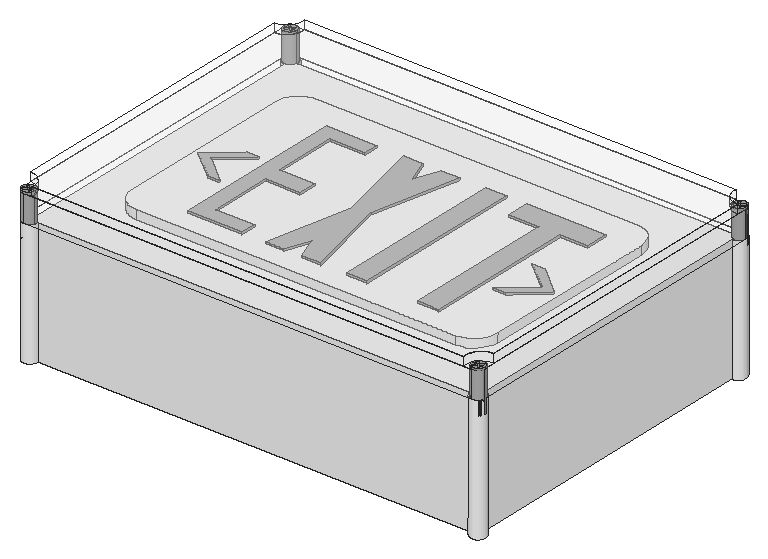
Revit family "EVE4X", category Lighting Fixtures, host Face, Revit 2021
Family settings
  Host = Face
  Round Connector Dimension = Use Diameter
  Part Type = Normal
  OmniClass Number = 23.80.70.11.21
  OmniClass Title = Emergency Lighting
  Cut with Voids When Loaded = No
  Light Source = No
  Shared = No
  Room Calculation Point = No
Parameters (values of type "EVE4X")
  Ïnstallation = "EVE4X Series exit signs are designed to mount to the wall through four\r\n1/4” integral mounting holes in the unit housing. Mounting hardware is\r\nsupplied by others. Units must be surface wired for utility power input.\r\nHousings are easily drilled or punched to accept sealed conduit hubs\r\n(supplied by others)."
  zz Length 1 [instance] = 0.200"
  Watts = 2 W
  Wattage Comments = "2.00 W"
  Warranty = "EVE4X Full 5 year warranty\r\nBattery, 3 years full, 7 years pro-rata"  # constant formula
  Wall Plate Material = Black
  Voltage [instance] = if(Is 120VAC, 120 V, 277 V)  # 120 V
  URL = "https://www.currentlighting.com/dual-lite"
  Type Comments = "Exit Light"  # constant formula
  Product Page URL = ""
  Product Documentation Link = ""
  Model = "CLS"
  Manufacturer = "DUAL-LITE"  # constant formula
  Load Classification = Lighting
  Lens = Paint - Gray Smooth
  Lamp = "LED Lamp"  # constant formula
  Is 277VAC [instance] = not(Is 120VAC)  # no
  Is 120VAC [instance] = yes
  Holder Material = Steel
  Glass = light Glass
  Finish = White
  Features = "External push-to-test switch and AC-on indicator\r\n• Battery re-charge within 24 hours\r\n• AC Lock-out battery circuit\r\n• Low voltage battery disconnect\r\n• UL 50 type 4X units for indoor/outdoor use\r\n• Suitable for use in wet locations\r\n• Oil-resistant gasket for watertight/dust-tight seal\r\n• High-impact, corrosion-resistant polycarbonate housing\r\n• Easy installation\r\n• Bright, even illumination\r\n• Exceeds NFPA 101 illumination requirements\r\n• Red and green letters\r\n• Snap-in chevron type directional arrows"  # constant formula
  End = C : C1
  Description = "EVE4X Series LED exit signs meet NEMA 4X IP66 standards, the housing is watertight and corrosion resistant, and is designed for Indoor or Outdoor application."  # constant formula
  Default Elevation = 48.000"
  Contact us = ""
  Certification = "Certified to UL924 Wet Location Standards\r\nNFPA 101 (Life Safety Code)\r\nNFPA 70 (National Electrical Code)"  # constant formula
  Application = "The EVE4X is designed for indoor or outdoor wet or dusty\r\nenvironments requiring corrosion resistant, UL50 type 4X exit signs\r\nwith energy-saving, long-life LEDs. Available in AC only or emergency\r\noperation which includes a nickel metal hydride(NiMH) battery and\r\nprovides a full 90 minutes of emergency exit illumination in the event\r\nof power failure. Includes a constant current charger. The EVE accepts\r\n120/277VAC input at 60Hz with a self-diagnostic option."  # constant formula
  Apparent Load = Watts  # 2 VA
Reference planes (in)
  plane 1 "Center (Front/Back)": y = 0
  plane 2: z = 0
  plane 3 "Center (Left/Right)": x = 0
  plane 4: x = -6.25
  plane 5: x = 6.25
  plane 6: x = -2.75
  plane 7: x = 2.75
  plane 8: z = 9.3
  plane 9: y = -1.25
  plane 10: y = 1.25
  plane 11: y = -2.2
  plane 12: y = 2.2
Dimensions and locks (in)
  plane 4 to plane 3 "Center (Left/Right)" = 6.250"
  equal spacing: plane 4, plane 3 "Center (Left/Right)", plane 5
  equal spacing: plane 6, plane 3 "Center (Left/Right)", plane 7
  plane 6 to plane 3 "Center (Left/Right)" = 2.750"
  plane 7 to plane 6 = 5.500"
  plane 5 to plane 4 = 12.500"
  aligned and locked: plane 2 to host face
  aligned and locked: level to host face
Automatic sketch dimensions
  host sketch curve to host sketch curve = 96.000"  (x2)
Nested families (in)
  nested 1: "C" at (-0.14499, 0, -0.73324), type <- "End", type "C1"
Connectors (in)
  electrical at (-0.14499, 0.84074, 0.76258)
    settings: on nested 1, index 1, voltage 120 V, apparent load 3 VA, apparent load phase1 0 VA, apparent load phase2 0 VA, apparent load phase3 0 VA, power factor 1, load classification "Other", number of poles 1, system type 30, power factor state 1, is connector primary yes, connector utility no, sub classification motor no, connector description ""
Definition of nested family "C"
  Parameters
    EXIT-Single Face = yes
    Lens = none
    Glass = none
    Finish = none
    Default Elevation = 0.000"
  Reference planes (in)
    plane 1 "Center (Front/Back)": y = 0
    plane 2: z = 0
    plane 3 "Center (Left/Right)": x = 0
    plane 4: z = 5.14
    plane 5: x = 7.44
    plane 6: x = -7.44
    plane 7: y = -5.47
    plane 8: y = 5.47
  Forms (in)
    Extrusion 1, solid, material <- "Finish"
      sketch origin (0, 0, 0) x (1, 0, 0) y (0, 1, 0)
        loop
          line (6.94, 5.22) -> (-6.94, 5.22)
          arc (-6.94, 5.22) -> (-7.36678, 5.39678) -> (-7.19, 4.97) r 0.25
          line (-7.19, 4.97) -> (-7.19, -4.97)
          arc (-7.19, -4.97) -> (-7.36678, -5.39678) -> (-6.94, -5.22) r 0.25
          line (-6.94, -5.22) -> (6.94, -5.22)
          arc (6.94, -5.22) -> (7.36678, -5.39678) -> (7.19, -4.97) r 0.25
          line (7.19, -4.97) -> (7.19, 4.97)
          arc (7.19, 4.97) -> (7.36678, 5.39678) -> (6.94, 5.22) r 0.25
      from 0 to 3.99582
    Extrusion 2, solid, material <- "Finish", visible <- "EXIT-Single Face"
      sketch origin (0, -5.58426, 3.37082) x (-1, 0, 0) y (0, -1, 0)
        loop
          arc (-5.875, -8.555) -> (-5.65533, -9.08533) -> (-5.125, -9.305) r 0.75
          line (-5.125, -9.305) -> (5.125, -9.305)
          arc (5.125, -9.305) -> (5.65533, -9.08533) -> (5.875, -8.555) r 0.75
          line (5.875, -8.555) -> (5.875, -2.8)
          arc (5.875, -2.8) -> (5.65533, -2.26967) -> (5.125, -2.05) r 0.75
          line (5.125, -2.05) -> (-5.125, -2.05)
          arc (-5.125, -2.05) -> (-5.65533, -2.26967) -> (-5.875, -2.8) r 0.75
          line (-5.875, -2.8) -> (-5.875, -8.555)
      from 0.625 to 0.89107
    Extrusion 3, solid, material <- "Lens"
      sketch origin (0, -3.70926, 4.83957) x (0, 1, 0) y (1, 0, 0)
        loop
          line (6.45678, -2.43416) -> (5.97564, -2.43416) -> (5.97564, -3.5716) -> (3.97225, -3.5716) -> (3.97225, -2.43416) -> (3.36683, -2.43416) -> (3.3823, -3.55274) -> (1.3823, -3.55274) -> (1.3823, -2.30274) -> (0.8823, -2.30274) -> (0.8823, -4.05274) -> (6.45678, -4.05274) -> (6.45678, -2.43416)
        loop
          line (6.45573, -1.58093) -> (6.45573, -0.95036) -> (5.69418, -0.67318) -> (6.45573, -0.396) -> (6.45573, 0.23457) -> (3.66954, -0.40867) -> (0.88335, 0.23457) -> (0.88335, -0.396) -> (1.64489, -0.67318) -> (0.88335, -0.95036) -> (0.88335, -1.53078) -> (3.56092, -0.91261) -> (6.45573, -1.58093)
        loop
          line (6.47228, 1.71319) -> (0.88335, 1.71319) -> (0.88335, 1.04357) -> (6.47228, 1.04357) -> (6.47228, 1.71319)
        loop
          line (6.47228, 4.89234) -> (5.74075, 4.89234) -> (5.74075, 4.02003) -> (0.88335, 4.02003) -> (0.88335, 3.35041) -> (5.74075, 3.35041) -> (5.74075, 2.38057) -> (6.47228, 2.38057) -> (6.47228, 4.89234)
        loop
          line (3.37632, -5.71844) -> (4.15902, -4.78564) -> (4.15902, -4.37647) -> (3.37632, -5.30927) -> (2.59361, -4.37647) -> (2.59361, -4.78564) -> (3.37632, -5.71844)
        loop
          line (3.37632, 5.71844) -> (2.59361, 4.78564) -> (2.59361, 4.37647) -> (3.37632, 5.30927) -> (4.15902, 4.37647) -> (4.15902, 4.78564) -> (3.37632, 5.71844)
      from 0.52748 to 0.84093
    Extrusion 4, solid, material <- "Glass"
      sketch origin (0, 0, 0) x (1, 0, 0) y (0, 1, 0)
        loop
          arc (-7.19, 5.47) -> (-7.36678, 5.39678) -> (-7.44, 5.22) r 0.25
          line (-7.44, 5.22) -> (-7.44, -5.22)
          arc (-7.44, -5.22) -> (-7.36678, -5.39678) -> (-7.19, -5.47) r 0.25
          line (-7.19, -5.47) -> (7.19, -5.47)
          arc (7.19, -5.47) -> (7.36678, -5.39678) -> (7.44, -5.22) r 0.25
          line (7.44, -5.22) -> (7.44, 5.22)
          arc (7.44, 5.22) -> (7.36678, 5.39678) -> (7.19, 5.47) r 0.25
          line (7.19, 5.47) -> (-7.19, 5.47)
      from 3.99582 to 4.85396
    Extrusion 5, solid, material <- "Glass"
      sketch origin (0, 0, 0) x (1, 0, 0) y (0, 1, 0)
        loop
          arc (-6.94, 5.47) -> (-7.05412, 5.06429) -> (-7.44, 4.89482) r 0.49328
          line (-7.44, 4.89482) -> (-7.44, -4.89482)
          arc (-7.44, -4.89482) -> (-7.05412, -5.06429) -> (-6.94, -5.47) r 0.49328
          line (-6.94, -5.47) -> (6.94, -5.47)
          arc (6.94, -5.47) -> (7.05412, -5.06429) -> (7.44, -4.89482) r 0.49328
          line (7.44, -4.89482) -> (7.44, 4.89482)
          arc (7.44, 4.89482) -> (7.05412, 5.06429) -> (6.94, 5.47) r 0.49328
          line (6.94, 5.47) -> (-6.94, 5.47)
      from 4.85396 to 5.14
    Revolve 6, solid, material <- "Lens"
      sketch origin (0.03125, -5.24331, 0) x (1, 0, 0) y (0, 0, 1)
        loop
          line (7.19, 3.55557) -> (7.40037, 3.55557) -> (7.40037, 4.90436) -> (7.19, 4.90436) -> (7.19, 3.55557)
        axis (7.19, 3.55557) -> (7.19, 4.90436)
      angle from 0 to 360
    Extrusion 7, void
      sketch origin (0.01172, 0, 0) x (1, 0, 0) y (0, 1, 0)
        loop
          line (7.05778, -5.15709) -> (7.14617, -5.24547) -> (7.05778, -5.33386) -> (7.11435, -5.39043) -> (7.20469, -5.30009) -> (7.29308, -5.38848) -> (7.34965, -5.33191) -> (7.26126, -5.24352) -> (7.34886, -5.15592) -> (7.29229, -5.09935) -> (7.20274, -5.18891) -> (7.11435, -5.10052) -> (7.05778, -5.15709)
      from 4.85396 to 4.90436
    Revolve 8, solid, material <- "Lens"
      sketch origin (0.03125, 5.24331, 0) x (1, 0, 0) y (0, 0, -1)
        loop
          line (7.19, -3.55557) -> (7.19, -4.90436) -> (7.40037, -4.90436) -> (7.40037, -3.55557) -> (7.19, -3.55557)
        axis (7.19, -3.55557) -> (7.19, -4.90436)
      angle from 0 to 360
    Extrusion 9, void
      sketch origin (0.01172, 0, 0) x (1, 0, 0) y (0, 1, 0)
        loop
          line (7.05778, 5.15709) -> (7.11435, 5.10052) -> (7.20274, 5.18891) -> (7.29229, 5.09935) -> (7.34886, 5.15592) -> (7.26126, 5.24352) -> (7.34965, 5.33191) -> (7.29308, 5.38848) -> (7.20469, 5.30009) -> (7.11435, 5.39043) -> (7.05778, 5.33386) -> (7.14617, 5.24547) -> (7.05778, 5.15709)
      from 4.85396 to 4.90436
    Revolve 10, solid, material <- "Lens"
      sketch origin (-0.03125, -5.24331, 0) x (-1, 0, 0) y (0, 0, -1)
        loop
          line (7.19, -3.55557) -> (7.19, -4.90436) -> (7.40037, -4.90436) -> (7.40037, -3.55557) -> (7.19, -3.55557)
        axis (7.19, -3.55557) -> (7.19, -4.90436)
      angle from 0 to 360
    Extrusion 11, void
      sketch origin (-0.01172, 0, 0) x (-1, 0, 0) y (0, -1, 0)
        loop
          line (7.05778, 5.15709) -> (7.11435, 5.10052) -> (7.20274, 5.18891) -> (7.29229, 5.09935) -> (7.34886, 5.15592) -> (7.26126, 5.24352) -> (7.34965, 5.33191) -> (7.29308, 5.38848) -> (7.20469, 5.30009) -> (7.11435, 5.39043) -> (7.05778, 5.33386) -> (7.14617, 5.24547) -> (7.05778, 5.15709)
      from 4.85396 to 4.90436
    Revolve 12, solid, material <- "Lens"
      sketch origin (-0.03125, 5.24331, 0) x (-1, 0, 0) y (0, 0, 1)
        loop
          line (7.19, 3.55557) -> (7.40037, 3.55557) -> (7.40037, 4.90436) -> (7.19, 4.90436) -> (7.19, 3.55557)
        axis (7.19, 3.55557) -> (7.19, 4.90436)
      angle from 0 to 360
    Extrusion 13, void
      sketch origin (-0.01172, 0, 0) x (-1, 0, 0) y (0, -1, 0)
        loop
          line (7.05778, -5.15709) -> (7.14617, -5.24547) -> (7.05778, -5.33386) -> (7.11435, -5.39043) -> (7.20469, -5.30009) -> (7.29308, -5.38848) -> (7.34965, -5.33191) -> (7.26126, -5.24352) -> (7.34886, -5.15592) -> (7.29229, -5.09935) -> (7.20274, -5.18891) -> (7.11435, -5.10052) -> (7.05778, -5.15709)
      from 4.85396 to 4.90436
  Cuts and joins
    Extrusion 7 cuts Extrusion 1
    Extrusion 7, Extrusion 9, Extrusion 11 cuts Revolve 6
    Extrusion 9, Extrusion 11, Extrusion 13 cuts Extrusion 4
    Extrusion 9, Extrusion 13 cuts Revolve 8
    Extrusion 11 cuts Revolve 10
    Extrusion 13 cuts Revolve 12
  Dimensions and locks (in)
    plane 4 to plane 2 = 5.140"
    aligned and locked: plane 2 to level
